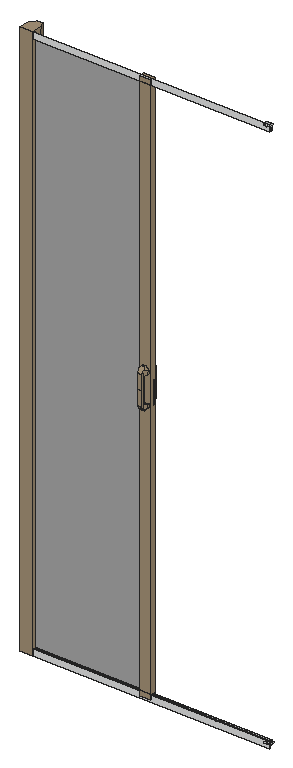
Revit family "Screen_Door_LegacySeries_PhantomScreen", category Doors, host Wall, Revit 2016
Family settings
  Host = Wall
  OmniClass Number = 23.30.60.21
  OmniClass Title = Insect Screens
  Always vertical = Yes
  Cut with Voids When Loaded = No
  Shared = No
  Room Calculation Point = No
Parameters (values of type "Type as Specified")
  URL = "http://www.phantomscreens.com/"
  Track Height = 0' - 0.931"
  Track Depth = 0' - 0.511"
  Specification = "http://www.phantomscreens.com/architects-designers/specifications-binder/"
  Slide Bar Width = 0' - 1.732"
  Slide Bar Depth = 0' - 0.866"
  Slide Bar = Dark Knotty Pine
  Sill Height = 0' - 1"
  Sill Depth = 0' - 1.54384"
  Sill [instance] = no
  Screen Thickness = 0' - 0 1/32"
  Screen = Phifer 20/20 Insect Mesh – Gray
  Sales Information = "http://www.phantomscreens.com/support/"
  Revision = "R1_08-2016"
  Product Properties = "http://www.phantomscreens.com/drive/uploads/2015/03/Legacy-Door-Design-Spec-Assembled-View.pdf"
  Product Data = "http://www.arcat.com/arcatcos/cos9540/arc40535.html"
  Percent Open [instance] = 50
  Model = "Legacy Series"
  Manufacturer Website = "http://www.phantomscreens.com/"
  Manufacturer Phone - Toll Free = ""
  Manufacturer Phone = "604-855-3654"
  Manufacturer Fax = "604-855-7834"
  Manufacturer Address = "30451 Simpson Rd.; Abbotsford; BC; Canada V2T 6C7"
  Manufacturer = "Phantom Screens"
  Keynote = "08 11 00"
  Installation-Fabrication = "http://www.phantomscreens.com/architects-designers/options/"
  Housing Width = 0' - 1 7/8"
  Housing Depth = 0' - 2 49/64"
  Handle Width = 0' - 1.266"
  Handle Height = 0' - 6.031"
  Handle Depth = 0' - 0 109/128"
  Function = Interior
  Height [instance] = 7' - 0"
  Wall Closure = By host
  Width [instance] = 3' - 0"
  Drawn By = "Sumex Design - Robert S Weygant"
  Door Opening [instance] = Width * (Percent Open / 100)  # 1' - 6"
  Description = "Phantom Screens Legacy Series Screen"
  Copyright = "� 2016 ARCAT Inc."
  Construction Details = "http://www.arcat.com/details/phantoms/95prod3445.html"
  Assembly Code = "B2020400"
  Aluminum Track = Aluminum - Flat
  Aluminum Housing = Dark Knotty Pine
Reference planes (in)
  plane 1 "Center (Front/Back)": y = 0
  plane 2 "Center (Left/Right)": x = -7.25
  plane 3 "Top": z = 84
  plane 4 "Exterior": y = 2.96884
  plane 5 "Interior": y = -3.03116
  plane 6: x = -27.125
  plane 7: z = 84.931
  plane 8: z = 0.931
  plane 9: y = 3.47984
  plane 10: y = 3.83484
  plane 11: y = 3.44859
  plane 12: x = -8.982
  plane 13 "Track Bar": x = -7.25
  plane 14: x = -25.25
  plane 15: y = 3.41734
  plane 16: y = 4.71756
  plane 17: x = 10.75
  plane 18: z = 1
  plane 19: y = 3.29405
  plane 20: y = 1.425
  plane 21: z = 42.5
  plane 22: z = 45.5155
  plane 23: z = 39.4845
  plane 24 "Handle Placement": x = -8.24596
  plane 25: x = 9.96875
  plane 26: y = 3.55502
  plane 27: y = 2.96884
  plane 28: y = 3.375
  plane 29: y = 5.48446
Forms (in)
  Extrusion 1, solid, material "Dark Knotty Pine" <- "Aluminum Housing"
    sketch origin (0, 0, 0) x (1, 0, 0) y (0, 1, 0)
      loop
        line (-27.125, 2.96884) -> (-25.25, 2.96884) -> (-25.25, 4.6231) -> (-25.74731, 5.48446) -> (-26.1875, 5.48446) -> (-26.66701, 5.48446) -> (-27.125, 4.6231) -> (-27.125, 2.96884)
    from 0 to 84.931
  Extrusion 2, solid, material "Dark Knotty Pine" <- "Slide Bar"
    sketch origin (0, 0, 0) x (1, 0, 0) y (0, 1, 0)
      loop
        line (-8.982, 3.83484) -> (-8.982, 2.96884) -> (-7.25, 2.96884) -> (-7.25, 3.64791) -> (-7.47277, 3.83484) -> (-8.982, 3.83484)
    from 1 to 84
  Extrusion 3, solid, material "Phifer 20/20 Insect Mesh – Gray" <- "Screen"
    sketch origin (0, 0, 0) x (1, 0, 0) y (0, 1, 0)
      loop
        line (-25.25, 3.44859) -> (-25.25, 3.41734) -> (-8.982, 3.41734) -> (-8.982, 3.44859) -> (-25.25, 3.44859)
    from 0.931 to 84
  Extrusion 4, solid, material "Aluminum - Flat" <- "Aluminum Track", visible <- "Sill"
    sketch origin (-7.25, 0, 0) x (0, 1, 0) y (0, 0, 1)
      loop
        line (1.44844, 1) -> (1.44844, 0.931) -> (2.91584, 0.86535) -> (2.91584, 0) -> (3.44078, 0) -> (3.44078, 0.08471) -> (2.99228, 0.08471) -> (2.99228, 0.931) -> (1.44844, 1)
    from -18 to 18
  Extrusion 5, solid, material "Aluminum - Flat"
    sketch origin (-7.25, 0, 0) x (0, 1, 0) y (0, 0, 1)
      loop
        line (3.47984, 84) -> (3.47984, 84.6095) -> (3.09384, 84.6095) -> (3.09384, 84.931) -> (2.96884, 84.931) -> (2.96884, 84) -> (3.09384, 84) -> (3.09384, 84.488) -> (3.35484, 84.488) -> (3.35484, 84) -> (3.47984, 84)
    from -18 to 18
  Extrusion 6, solid, material "Aluminum - Flat"
    sketch origin (-7.25, 0, 0) x (0, 1, 0) y (0, 0, 1)
      loop
        line (3.47984, 0.931) -> (3.35484, 0.931) -> (3.35484, 0.4365) -> (3.09384, 0.4365) -> (3.09384, 0.931) -> (2.96884, 0.931) -> (2.96884, 0) -> (3.09384, 0) -> (3.09384, 0.315) -> (3.47984, 0.315) -> (3.47984, 0.931)
    from -18 to 18
Text (in)
  text "Exterior" at (-62.02911, 27.31104, 0), in view "Ref. Level"
  text "Interior" at (-62.02911, -25.14366, 0), in view "Ref. Level"
  text "Exterior" at (0, 40.15149, 123.01588), in view "Right"
  text "Interior" at (0, -64.39139, 123.01588), in view "Right"
  text "Interior" at (0, -31.01599, 123.00693), in view "Left"
  text "Exterior" at (0, 54.57065, 123.00693), in view "Left"
Dimensions and locks (in)
  "Height": level to plane 3 "Top"
  "Track Height": plane 3 "Top" to plane 7
  "Track Height": level to plane 8
  "Track Depth": plane 9 to plane 4 "Exterior"
  "Slide Bar Depth": plane 10 to plane 4 "Exterior"
  "Screen Thickness": plane 9 to plane 11
  "Slide Bar Width": plane 12 to plane 13 "Track Bar"
  equal spacing: plane 14, plane 2 "Center (Left/Right)", plane 17
  "Screen Thickness": plane 15 to plane 11
  "Width": plane 14 to plane 17
  "Housing Width": plane 6 to plane 14
  "Door Opening": plane 13 "Track Bar" to plane 17
  "Sill Height": level to plane 18
  "Sill Depth": plane 4 "Exterior" to plane 20
  equal spacing: plane 22, plane 21, plane 23
  "Handle Height": plane 23 to plane 22
  locked: plane 13 "Track Bar" to plane 24 "Handle Placement" at 0.99596
  locked: plane 26 to plane 19 at 0.26097
  locked: plane 29 to host wall at 5.51563
  aligned and locked: plane 4 "Exterior" to host wall
  aligned and locked: plane 5 "Interior" to host wall
  aligned and locked: plane 6 to Extrusion 1 sketch curve
  aligned and locked: Extrusion 1 to level
  aligned and locked: Extrusion 1 to plane 7
  aligned and locked: plane 7 to Extrusion 1
  aligned and locked: plane 10 to Extrusion 2 sketch curve
  aligned and locked: plane 12 to Extrusion 2 sketch curve
  aligned and locked: Extrusion 2 sketch curve to plane 4 "Exterior"
  aligned and locked: Extrusion 2 sketch curve to plane 13 "Track Bar"
  aligned and locked: Extrusion 2 to plane 3 "Top"
  aligned and locked: plane 11 to Extrusion 3 sketch curve
  aligned and locked: Extrusion 3 sketch curve to plane 14
  aligned and locked: plane 15 to Extrusion 3 sketch curve
  aligned and locked: Extrusion 3 sketch curve to plane 12
  aligned and locked: Extrusion 3 to plane 3 "Top"
  aligned and locked: Extrusion 1 sketch curve to plane 4 "Exterior"
  aligned and locked: plane 18 to Extrusion 2
  aligned and locked: plane 24 "Handle Placement" to nested 1
  aligned and locked: Extrusion 2 to plane 10
  aligned and locked: nested 2 to plane 24 "Handle Placement"
  aligned and locked: nested 2 to Extrusion 2
  aligned and locked: nested 1 to plane 22
  aligned and locked: nested 2 to plane 23
  aligned and locked: plane 10 to nested 1
  aligned and locked: plane 3 "Top" to Extrusion 5 sketch curve
  aligned and locked: Extrusion 5 sketch curve to plane 7
  aligned and locked: plane 8 to Extrusion 6 sketch curve  (x2)
  aligned and locked: Extrusion 6 sketch curve to Extrusion 1
  aligned and locked: Extrusion 6 to plane 17
  aligned and locked: Extrusion 5 to plane 17
  aligned and locked: plane 14 to Extrusion 5
  aligned and locked: plane 14 to Extrusion 6
  aligned and locked: Extrusion 4 to plane 17
  aligned and locked: plane 14 to Extrusion 4
  aligned and locked: plane 27 to host wall
  aligned and locked: plane 4 "Exterior" to nested 4
  aligned and locked: nested 4 to Extrusion 6
  aligned and locked: nested 5 to plane 12
  aligned and locked: nested 5 to plane 13 "Track Bar"
  aligned and locked: plane 3 "Top" to nested 5
  aligned and locked: Extrusion 2 to plane 12
  aligned and locked: plane 13 "Track Bar" to Extrusion 2
  aligned and locked: nested 6 to Extrusion 2
  aligned and locked: nested 6 to plane 12
  aligned and locked: nested 6 to plane 10
  aligned and locked: plane 4 "Exterior" to nested 6
  aligned and locked: nested 5 to plane 10
  aligned and locked: plane 4 "Exterior" to nested 5
  aligned and locked: plane 4 "Exterior" to nested 3
  aligned and locked: plane 29 to Extrusion 1  (x2)
Automatic sketch dimensions
  Extrusion 2 sketch curve to plane 9 = 0' - 0.16807"
  Extrusion 2 sketch curve to Extrusion 2 sketch curve = 0' - 0.22277"
  plane 8 to Extrusion 4 sketch curve = 0' - 0"  (x2)
  plane 18 to Extrusion 4 sketch curve = 0' - 0"
  Extrusion 4 sketch curve to level = 0' - 0"
  plane 20 to Extrusion 4 sketch curve = 0' - 0 3/128"
  Extrusion 4 sketch curve to host wall = 0' - 0.053"
  host wall to Extrusion 4 sketch curve = 0' - 0 3/128"
  plane 11 to Extrusion 4 sketch curve = 0' - 0 1/128"
  level to Extrusion 4 sketch curve = 0' - 0.08471"
  plane 8 to Extrusion 4 sketch curve = 0' - 0.06565"
  Extrusion 5 sketch curve to Extrusion 5 sketch curve = 0' - 0 1/8"
  Extrusion 5 sketch curve to Extrusion 5 sketch curve = 0' - 0.1215"
  Extrusion 5 sketch curve to Extrusion 5 sketch curve = 0' - 0.3215"
  Extrusion 5 sketch curve to plane 9 = 0' - 0"
  Extrusion 5 sketch curve to plane 15 = 0' - 0 1/16"
  Extrusion 5 sketch curve to host wall = 0' - 0"
  Extrusion 5 sketch curve to Extrusion 5 sketch curve = 0' - 0"
  Extrusion 6 sketch curve to host wall = 0' - 0"
  Extrusion 6 sketch curve to plane 9 = 0' - 0"
  host wall to Extrusion 6 sketch curve = 0' - 0 1/8"
  Extrusion 6 sketch curve to Extrusion 6 sketch curve = 0' - 0"
  Extrusion 6 sketch curve to plane 15 = 0' - 0 1/16"
  level to Extrusion 6 sketch curve = 0' - 0.315"
  Extrusion 6 sketch curve to Extrusion 6 sketch curve = 0' - 0.1215"
  plane 3 "Top" to Extrusion 5 sketch curve = 0' - 0"
  Extrusion 1 sketch curve to plane 14 = 0' - 0"
  plane 6 to Extrusion 1 sketch curve = 0' - 0 15/16"
  plane 16 to Extrusion 1 sketch curve = 0' - 0.09446"  (x2)
  plane 6 to Extrusion 1 sketch curve = 0' - 0.45799"
  Extrusion 1 sketch curve to Extrusion 1 sketch curve = 0' - 0.44019"
  Extrusion 1 sketch curve to plane 29 = 0' - 0"
Nested families (in)
  nested 1: "Family4" at (-8.24596, 4.26062, 42.5) x (-1, 0, 0) z (0, 0, 1), type "Family4"
    with Width 0' - 1.266", Height 0' - 6.031", Depth 0' - 0 109/128"
  nested 2: "Family4" at (-8.24596, 2.54306, 42.5), type "Family4"
    with Width 0' - 1.266", Height 0' - 6.031", Depth 0' - 0 109/128"
  nested 3: "Track Latch Family" at (10.35937, 3.34384, 84.55481) x (-1, 0, 0) z (0, 0, 1), type "Track Latch Family"
  nested 4: "Lower Track Latch" at (10.35937, 3.33538, 0.4365) x (-1, 0, 0) z (0, 0, 1), type "Lower Track Latch"
  nested 5: "End Caps" at (-8.21484, 3.14023, 84), type "End Caps"
  nested 6: "End Caps" at (-8.21484, 3.14023, 0.25), type "End Caps"
Definition of nested family "Family4"
  Parameters
    Width = 0' - 1 1/2"
    Height = 0' - 6 1/32"
    Handle = none
    Depth = 0' - 1"
  Reference planes (in)
    plane 1 "Center (Front/Back)": y = 0
    plane 2: z = 0
    plane 3 "Center (Left/Right)": x = 0
    plane 4: y = 0.5
    plane 5: x = 0.75
    plane 6: y = -0.5
    plane 7: x = -0.75
    plane 8: z = 3.01562
    plane 9: z = -3.01563
  Forms (in)
    Extrusion 1, solid, material <- "Handle"
      sketch origin (0, 0, 0) x (0, 1, 0) y (0, 0, 1)
        loop
          line (0.5, 3.01562) -> (0.25, 3.01562) -> (-0.5, 2.26562) -> (-0.5, 0) -> (-0.5, -2.26563) -> (0.25, -3.01563) -> (0.5, -3.01563) -> (0.5, -2.01563) -> (0, -2.01563) -> (-0.17678, -1.83885) -> (-0.17678, 0) -> (-0.17678, 1.83885) -> (0, 2.01562) -> (0.5, 2.01562) -> (0.5, 3.01562)
      from -0.75 to 0.75
    Extrusion 2, void
      sketch origin (0, 0, 0) x (1, 0, 0) y (0, 1, 0)
        loop
          line (-0.75, 0.25) -> (-0.75, -0.5) -> (-0.32322, -0.5) -> (-0.32322, -0.25861) -> (-0.75, 0.25)
        loop
          line (0.32322, -0.25861) -> (0.32322, -0.5) -> (0.75, -0.5) -> (0.75, 0.25) -> (0.32322, -0.25861)
      from -3.01562 to 3.01562
    Extrusion 3, void
      sketch origin (0, 0, 0) x (1, 0, 0) y (0, 0, 1)
        loop
          line (-0.75, 2.51562) -> (-0.25, 3.01562) -> (-0.75, 3.01562) -> (-0.75, 2.51562)
        loop
          line (0.75, 2.51563) -> (0.75, 3.01563) -> (0.25, 3.01563) -> (0.75, 2.51563)
        loop
          line (-0.75, -2.51563) -> (-0.75, -3.01563) -> (-0.25, -3.01563) -> (-0.75, -2.51563)
        loop
          line (0.75, -2.51563) -> (0.25, -3.01563) -> (0.75, -3.01563) -> (0.75, -2.51563)
      from -0.5 to 0.5
  Cuts and joins
    Extrusion 2, Extrusion 3 cuts Extrusion 1
  Dimensions and locks (in)
    equal spacing: plane 7, plane 3 "Center (Left/Right)", plane 5
    equal spacing: plane 6, plane 1 "Center (Front/Back)", plane 4
    "Depth": plane 6 to plane 4
    "Width": plane 7 to plane 5
    equal spacing: plane 8, level, plane 9
    "Height": plane 8 to plane 9
    plane 1 "Center (Front/Back)" to Extrusion 1 = 0' - 0 1/2"
    aligned and locked: plane 2 to level
    aligned and locked: plane 7 to Extrusion 1
    aligned and locked: plane 5 to Extrusion 1
    aligned and locked: Extrusion 2 sketch curve to plane 6
    aligned and locked: plane 6 to Extrusion 2 sketch curve
    aligned and locked: plane 5 to Extrusion 2 sketch curve
    aligned and locked: Extrusion 2 sketch curve to plane 7
    aligned and locked: Extrusion 2 to plane 9
    aligned and locked: plane 8 to Extrusion 2
    aligned and locked: plane 4 to Extrusion 3
    aligned and locked: plane 6 to Extrusion 3
  Automatic sketch dimensions
    Extrusion 1 sketch curve to level = 0' - 0"  (x2)
    Extrusion 1 sketch curve to plane 1 "Center (Front/Back)" = 0' - 0"  (x2)
    Extrusion 1 sketch curve to plane 8 = 0' - 0"
    Extrusion 1 sketch curve to plane 4 = 0' - 0"  (x2)
    plane 1 "Center (Front/Back)" to Extrusion 1 sketch curve = 0' - 0.17678"
    Extrusion 1 sketch curve to Extrusion 1 sketch curve = 0' - 0 1/4"
    Extrusion 1 sketch curve to Extrusion 1 sketch curve = 0' - 1"
    Extrusion 1 sketch curve to Extrusion 1 sketch curve = 0' - 0.17678"  (x2)
    Extrusion 1 sketch curve to plane 8 = 0' - 1.17678"
    Extrusion 1 sketch curve to Extrusion 1 sketch curve = 0' - 0.42678"
    Extrusion 1 sketch curve to plane 9 = 0' - 0"
    Extrusion 1 sketch curve to plane 1 "Center (Front/Back)" = 0' - 0 1/4"
    plane 9 to Extrusion 1 sketch curve = 0' - 0 3/4"
    Extrusion 1 sketch curve to plane 6 = 0' - 0"
    Extrusion 2 sketch curve to plane 3 "Center (Left/Right)" = 0' - 0.32322"
    plane 3 "Center (Left/Right)" to Extrusion 2 sketch curve = 0' - 0.32322"
    plane 1 "Center (Front/Back)" to Extrusion 2 sketch curve = 0' - 0.25861"
    Extrusion 2 sketch curve to plane 1 "Center (Front/Back)" = 0' - 0 1/4"  (x2)
    Extrusion 2 sketch curve to Extrusion 2 sketch curve = 0' - 0.24139"
    plane 7 to Extrusion 3 sketch curve = 0' - 0"  (x2)
    Extrusion 3 sketch curve to plane 8 = 0' - 0"  (x2)
    Extrusion 3 sketch curve to plane 9 = 0' - 0"  (x2)
    Extrusion 3 sketch curve to plane 5 = 0' - 0"  (x2)
    Extrusion 3 sketch curve to plane 3 "Center (Left/Right)" = 0' - 0 1/4"  (x2)
    plane 3 "Center (Left/Right)" to Extrusion 3 sketch curve = 0' - 0 1/4"  (x2)
    plane 9 to Extrusion 3 sketch curve = 0' - 0 1/2"
    Extrusion 3 sketch curve to Extrusion 3 sketch curve = 0' - 0 1/2"
    Extrusion 3 sketch curve to plane 8 = 0' - 0 1/2"  (x2)
Definition of nested family "Track Latch Family"
  Parameters
    Width = 0' - 0 25/32"
    Upper Latch = none
  Reference planes (in)
    plane 1 "Center (Front/Back)": y = 0
    plane 2: z = 0
    plane 3 "Center (Left/Right)": x = 0
    plane 4: z = 0.34375
    plane 5: x = 0.39063
    plane 6: x = -0.39062
    plane 7: y = 0.375
    plane 8: y = -0.375
  Forms (in)
    Extrusion 1, solid, material <- "Upper Latch"
      sketch origin (0, 0, 0.05469) x (1, 0, 0) y (0, 0, 1)
        loop
          line (-0.39062, 0.28906) -> (-0.39062, 0) -> (0.01899, 0) -> (0.01899, -0.0619) -> (0.39063, 0) -> (0.39063, 0.28906) -> (-0.39062, 0.28906)
      from -0.375 to 0.375
    Extrusion 2, void
      sketch origin (0, 0, 0) x (0, 1, 0) y (0, 0, 1)
        loop
          arc (-0.375, 0.09707) -> (-0.2114, 0.25673) -> (0, 0.34375) r 0.60095
          line (0, 0.34375) -> (-0.375, 0.34375) -> (-0.375, 0.09707)
      from -0.39062 to 0.39062
    Extrusion 3, void
      sketch origin (0, 0, 0) x (1, 0, 0) y (0, 0, 1)
        loop
          line (-0.32812, 0.34375) -> (-0.32812, 0.13527) -> (-0.07812, 0.13527) -> (-0.07812, 0.34375) -> (-0.32812, 0.34375)
        loop
          line (0.0373, 0.34375) -> (0.0373, 0.13527) -> (0.28915, 0.13527) -> (0.28915, 0.34375) -> (0.0373, 0.34375)
      from -0.28879 to 0.375
  Cuts and joins
    Extrusion 2, Extrusion 3 cuts Extrusion 1
  Dimensions and locks (in)
    equal spacing: plane 5, plane 3 "Center (Left/Right)", plane 6
    "Width": plane 5 to plane 6
    equal spacing: plane 7, plane 1 "Center (Front/Back)", plane 8
    plane 7 to plane 8 = 0' - 0 3/4"
    aligned and locked: plane 2 to level
    aligned and locked: plane 7 to Extrusion 1
    aligned and locked: Extrusion 1 to plane 8
    aligned and locked: Extrusion 2 to plane 6
    aligned and locked: plane 5 to Extrusion 2
    aligned and locked: Extrusion 1 to Extrusion 3
  Automatic sketch dimensions
    Extrusion 1 sketch curve to plane 6 = 0' - 0"
    level to Extrusion 1 sketch curve = 0' - 0 7/128"  (x2)
    Extrusion 1 sketch curve to plane 5 = 0' - 0"
    plane 3 "Center (Left/Right)" to Extrusion 1 sketch curve = 0' - 0.01899"
    plane 4 to Extrusion 1 sketch curve = 0' - 0"
    Extrusion 1 sketch curve to level = 0' - 0.00721"
    Extrusion 2 sketch curve to plane 8 = 0' - 0"
    Extrusion 2 sketch curve to plane 1 "Center (Front/Back)" = 0' - 0"
    Extrusion 2 sketch curve to plane 4 = 0' - 0"
    Extrusion 2 sketch curve to plane 1 "Center (Front/Back)" = 0' - 0.11887"
    level to Extrusion 2 sketch curve = 0' - 0.09707"
    Extrusion 3 sketch curve to plane 4 = 0' - 0"  (x2)
    plane 6 to Extrusion 3 sketch curve = 0' - 0 1/16"
    Extrusion 3 sketch curve to plane 3 "Center (Left/Right)" = 0' - 0 5/64"
    plane 3 "Center (Left/Right)" to Extrusion 3 sketch curve = 0' - 0.0373"
    Extrusion 3 sketch curve to plane 5 = 0' - 0.10148"
    level to Extrusion 3 sketch curve = 0' - 0.13527"
    Extrusion 3 sketch curve to Extrusion 3 sketch curve = 0' - 0"
Definition of nested family "Lower Track Latch"
  Parameters
    Lower Latch = none
  Reference planes (in)
    plane 1 "Center (Front/Back)": y = 0
    plane 2: z = 0
    plane 3 "Center (Left/Right)": x = 0
    plane 4: z = 0.31094
    plane 5: x = -0.42075
    plane 6: x = 0.43863
    plane 7: y = -0.36654
    plane 8: y = 0.36654
  Forms (in)
    Extrusion 1, solid, material <- "Lower Latch"
      sketch origin (0, 0, 0) x (1, 0, 0) y (0, 0, 1)
        loop
          line (-0.42075, 0) -> (0.43863, 0) -> (0.43863, 0.12882) -> (0, 0.31094) -> (0, 0.12882) -> (-0.42075, 0.12882) -> (-0.42075, 0)
      from -0.36654 to 0.36654
  Dimensions and locks (in)
    plane 6 to plane 5 = 0' - 0 55/64"
    plane 6 to plane 3 "Center (Left/Right)" to plane 5 = 0' - 0.43863", 0' - 0.42075"
    plane 8 to plane 7 = 0' - 0.73308"
    equal spacing: plane 8, plane 1 "Center (Front/Back)", plane 7
    aligned and locked: plane 2 to level
    aligned and locked: Extrusion 1 to plane 3 "Center (Left/Right)"
    aligned and locked: Extrusion 1 to plane 5
    aligned and locked: plane 6 to Extrusion 1
    aligned and locked: Extrusion 1 to level
    aligned and locked: Extrusion 1 to plane 8
    aligned and locked: plane 7 to Extrusion 1
  Automatic sketch dimensions
    Extrusion 1 sketch curve to plane 5 = 0' - 0"
    Extrusion 1 sketch curve to plane 3 "Center (Left/Right)" = 0' - 0"
    Extrusion 1 sketch curve to plane 6 = 0' - 0"
    Extrusion 1 sketch curve to level = 0' - 0"
    Extrusion 1 sketch curve to plane 4 = 0' - 0"
    level to Extrusion 1 sketch curve = 0' - 0.12882"  (x2)
Definition of nested family "End Caps"
  Parameters
    End Caps = none
  Reference planes (in)
    plane 1 "Center (Front/Back)": y = 0
    plane 2: z = 0
    plane 3 "Center (Left/Right)": x = 0
    plane 4: y = 0.6946
    plane 5: x = 0.96484
    plane 6: y = -0.1714
    plane 7: x = -0.76716
    plane 8: z = 0.75
  Forms (in)
    Extrusion 1, solid, material <- "End Caps"
      sketch origin (0, 0, 0) x (1, 0, 0) y (0, 1, 0)
        loop
          line (-0.76716, 0.6946) -> (-0.76716, -0.1714) -> (0.96484, -0.1714) -> (0.96484, 0.47651) -> (0.70493, 0.6946) -> (-0.76716, 0.6946)
      from 0 to 0.75
  Lines and regions (in)
    model lines
      curve 1: line (-0.76716, 0.6946, 0) -> (0.70493, 0.6946, 0)
      curve 2: line (-0.76716, -0.1714, 0) -> (-0.76716, 0.6946, 0)
      curve 3: line (0.96484, -0.1714, 0) -> (-0.76716, -0.1714, 0)
      curve 4: line (0.96484, 0.47651, 0) -> (0.96484, -0.1714, 0)
      curve 5: line (0.96484, 0.47651, 0) -> (0.70493, 0.6946, 0)
  Dimensions and locks (in)
    aligned and locked: plane 2 to level
    aligned and locked: plane 8 to Extrusion 1
